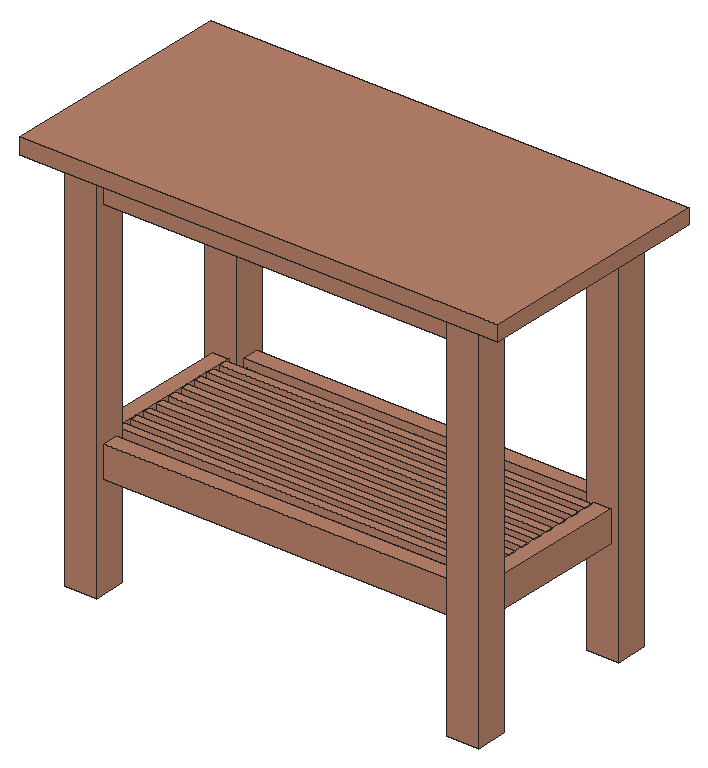
Revit family
Reference planes
  plane 1 "Center (Front/Back)": y = 0
  plane 2: z = 0
  plane 3 "Center (Left/Right)": x = 0
  plane 4 "Topo da Mesa": z = 1000
  plane 5 "Fundo do Tampo": z = 960
  plane 6 "Travamento": z = 340
  plane 7: y = -220
  plane 8: y = -220
  plane 9: y = 220
  plane 10: x = -480
  plane 11: y = 0
  plane 12: x = -480
  plane 13: x = 480
  plane 14 "Estrado": z = 320
  plane 15 "Frente do Estrado": x = 460.08
  plane 16: y = 0
  plane 17: z = 340
  plane 18: z = 320
  plane 19 "Lado do Estrado": y = -200.417
  plane 20 "Frente do Apoio do Estrado e Apoio Maior do Tampo": x = 440
  plane 21 "Lateral do Apoio Menor do Tampo": y = -180
Forms (mm)
  Extrusion 1, solid, material "Madeira"
    sketch origin (0, 0, 1000) x (-1, 0, 0) y (0, -1, 0)
      loop
        line (600, 300) -> (-600, 300) -> (-600, -300) -> (600, -300) -> (600, 300)
    from 0 to -40
  Extrusion 2, solid, material "Madeira"
    sketch origin (-1.408, -32.617, 0) x (1, 0, 0) y (0, 1, 0)
      loop
        line (-518.592, -227.383) -> (-438.592, -227.383) -> (-438.592, -147.383) -> (-518.592, -147.383) -> (-518.592, -227.383)
    from 0 to 960
  Extrusion 3, solid, material "Madeira", not visible
    sketch origin (-1.408, -22.617, 0) x (1, 0, 0) y (0, 1, 0)
      loop
        line (-518.592, -227.383) -> (-438.592, -227.383) -> (-438.592, -147.383) -> (-518.592, -147.383) -> (-518.592, -227.383)
    from 0 to 960
  Extrusion 4, solid, material "Madeira"
    sketch origin (-1.408, -32.617, 0) x (1, 0, 0) y (0, 1, 0)
      loop
        line (-518.592, 292.617) -> (-518.592, 212.617) -> (-438.592, 212.617) -> (-438.592, 292.617) -> (-518.592, 292.617)
    from 0 to 960
  Extrusion 5, solid, material "Madeira"
    sketch origin (1.408, 32.617, 0) x (-1, 0, 0) y (0, -1, 0)
      loop
        line (-518.592, 292.617) -> (-518.592, 212.617) -> (-438.592, 212.617) -> (-438.592, 292.617) -> (-518.592, 292.617)
    from 0 to 960
  Extrusion 6, solid, material "Madeira"
    sketch origin (1.408, 32.617, 0) x (-1, 0, 0) y (0, -1, 0)
      loop
        line (-518.592, -227.383) -> (-438.592, -227.383) -> (-438.592, -147.383) -> (-518.592, -147.383) -> (-518.592, -227.383)
    from 0 to 960
  Extrusion 7, solid, material "Madeira"
    sketch origin (0, 0, 340) x (-1, 0, 0) y (0, -1, 0)
      loop
        line (440, 239.583) -> (-440, 239.583) -> (-440, 200.417) -> (440, 200.417) -> (440, 239.583)
    from 0 to -80
  Extrusion 8, solid, material "Madeira", not visible
    sketch origin (0, 0, 340) x (-1, 0, 0) y (0, -1, 0)
      loop
        line (440, 239.583) -> (-440, 239.583) -> (-440, 200.417) -> (440, 200.417) -> (440, 239.583)
    from 0 to -80
  Extrusion 9, solid, material "Madeira"
    sketch origin (0, 0, 340) x (-1, 0, 0) y (0, -1, 0)
      loop
        line (440, -239.583) -> (440, -200.417) -> (-440, -200.417) -> (-440, -239.583) -> (440, -239.583)
    from 0 to -80
  Extrusion 10, solid, material "Madeira"
    sketch origin (0, 0, 340) x (-1, 0, 0) y (0, -1, 0)
      loop
        line (499.92, 180) -> (460.08, 180) -> (460.08, -180) -> (499.92, -180) -> (499.92, 180)
    from 0 to -80
  Extrusion 11, solid, material "Madeira", not visible
    sketch origin (0, 0, 340) x (-1, 0, 0) y (0, -1, 0)
      loop
        line (499.92, 180) -> (460.08, 180) -> (460.08, -180) -> (499.92, -180) -> (499.92, 180)
    from 0 to -80
  Extrusion 12, solid, material "Madeira"
    sketch origin (0, 0, 340) x (1, 0, 0) y (0, 1, 0)
      loop
        line (499.92, -180) -> (499.92, 180) -> (460.08, 180) -> (460.08, -180) -> (499.92, -180)
    from 0 to -80
  Extrusion 13, solid, material "Madeira"
    sketch origin (460.08, 0, 0) x (0, -1, 0) y (0, 0, 1)
      loop
        line (-10, 340) -> (-10, 320) -> (10, 320) -> (10, 340) -> (-10, 340)
    from 0 to 920.161
  Extrusion 14, solid, material "Madeira", not visible
    sketch origin (460.08, 0, 0) x (0, -1, 0) y (0, 0, 1)
      loop
        line (-10, 340) -> (-10, 320) -> (10, 320) -> (10, 340) -> (-10, 340)
    from 0 to 920.161
  Extrusion 15, solid, material "Madeira"
    sketch origin (460.08, -40, 0) x (0, -1, 0) y (0, 0, 1)
      loop
        line (-10, 340) -> (-10, 320) -> (10, 320) -> (10, 340) -> (-10, 340)
    from 0 to 920.161
  Extrusion 16, solid, material "Madeira"
    sketch origin (460.08, -80, 0) x (0, -1, 0) y (0, 0, 1)
      loop
        line (-10, 340) -> (-10, 320) -> (10, 320) -> (10, 340) -> (-10, 340)
    from 0 to 920.161
  Extrusion 17, solid, material "Madeira"
    sketch origin (460.08, -120, 0) x (0, -1, 0) y (0, 0, 1)
      loop
        line (-10, 340) -> (-10, 320) -> (10, 320) -> (10, 340) -> (-10, 340)
    from 0 to 920.161
  Extrusion 18, solid, material "Madeira"
    sketch origin (460.08, -160, 0) x (0, -1, 0) y (0, 0, 1)
      loop
        line (-10, 340) -> (-10, 320) -> (10, 320) -> (10, 340) -> (-10, 340)
    from 0 to 920.161
  Extrusion 19, solid, material "Madeira"
    sketch origin (460.08, 40, 0) x (0, -1, 0) y (0, 0, 1)
      loop
        line (-10, 340) -> (-10, 320) -> (10, 320) -> (10, 340) -> (-10, 340)
    from 0 to 920.161
  Extrusion 20, solid, material "Madeira"
    sketch origin (460.08, 80, 0) x (0, -1, 0) y (0, 0, 1)
      loop
        line (-10, 340) -> (-10, 320) -> (10, 320) -> (10, 340) -> (-10, 340)
    from 0 to 920.161
  Extrusion 21, solid, material "Madeira"
    sketch origin (460.08, 120, 0) x (0, -1, 0) y (0, 0, 1)
      loop
        line (-10, 340) -> (-10, 320) -> (10, 320) -> (10, 340) -> (-10, 340)
    from 0 to 920.161
  Extrusion 22, solid, material "Madeira"
    sketch origin (460.08, 160, 0) x (0, -1, 0) y (0, 0, 1)
      loop
        line (-10, 340) -> (-10, 320) -> (10, 320) -> (10, 340) -> (-10, 340)
    from 0 to 920.161
  Extrusion 23, solid, material "Madeira"
    sketch origin (-3.222, -200.417, 0) x (-1, 0, 0) y (0, 0, 1)
      loop
        line (426.778, 320) -> (406.778, 320) -> (406.778, 280) -> (426.778, 280) -> (426.778, 320)
    from 0 to 400.834
  Extrusion 24, solid, material "Madeira"
    sketch origin (3.222, -200.417, 0) x (1, 0, 0) y (0, 0, -1)
      loop
        line (426.778, -320) -> (426.778, -280) -> (406.778, -280) -> (406.778, -320) -> (426.778, -320)
    from 0 to 400.834
  Extrusion 25, solid, material "Madeira"
    sketch origin (416.778, -200.417, 0) x (-1, 0, 0) y (0, 0, 1)
      loop
        line (426.778, 320) -> (406.778, 320) -> (406.778, 280) -> (426.778, 280) -> (426.778, 320)
    from 0 to 400.834
  Extrusion 26, solid, material "Madeira"
    sketch origin (440, 0, 0) x (0, -1, 0) y (0, 0, 1)
      loop
        line (-200.417, 260) -> (-180, 260) -> (-180, 280) -> (-200.417, 280) -> (-200.417, 260)
    from 0 to 880
  Extrusion 27, solid, material "Madeira"
    sketch origin (440, 0, 0) x (0, 1, 0) y (0, 0, -1)
      loop
        line (-200.417, -260) -> (-200.417, -280) -> (-180, -280) -> (-180, -260) -> (-200.417, -260)
    from 0 to 880
  Extrusion 28, solid, material "Madeira"
    sketch origin (440, 0, 0) x (0, -1, 0) y (0, 0, 1)
      loop
        line (-240, 960) -> (-240, 880) -> (-200, 880) -> (-200, 960) -> (-240, 960)
    from 0 to 880
  Extrusion 29, solid, material "Madeira"
    sketch origin (440, 0, 0) x (0, 1, 0) y (0, 0, -1)
      loop
        line (-240, -960) -> (-200, -960) -> (-200, -880) -> (-240, -880) -> (-240, -960)
    from 0 to 880
  Extrusion 30, solid, material "Madeira"
    sketch origin (0, -180, 0) x (-1, 0, 0) y (0, 0, 1)
      loop
        line (500, 960) -> (460, 960) -> (460, 880) -> (500, 880) -> (500, 960)
    from 0 to 360
  Extrusion 31, solid, material "Madeira"
    sketch origin (0, -180, 0) x (1, 0, 0) y (0, 0, -1)
      loop
        line (500, -960) -> (500, -880) -> (460, -880) -> (460, -960) -> (500, -960)
    from 0 to 360
Dimensions and locks
  equal spacing: Extrusion 1 sketch curve, plane 1 "Center (Front/Back)", Extrusion 1 sketch curve
  equal spacing: Extrusion 1 sketch curve, plane 3 "Center (Left/Right)", Extrusion 1 sketch curve
  plane 1 "Center (Front/Back)" to Extrusion 1 sketch curve = 300 mm
  plane 3 "Center (Left/Right)" to Extrusion 1 sketch curve = 600 mm
  Extrusion 1 to Extrusion 2 = 80 mm
  locked: Extrusion 2 sketch curve to Extrusion 2 sketch curve at 80  (x2)
  plane 1 "Center (Front/Back)" to Extrusion 2 = 180 mm
  Extrusion 1 to Extrusion 2 = 40 mm
  locked: Extrusion 3 sketch curve to Extrusion 3 sketch curve at 80  (x2)
  locked: Extrusion 4 sketch curve to Extrusion 4 sketch curve at 80  (x2)
  locked: Extrusion 5 sketch curve to Extrusion 5 sketch curve at 80  (x2)
  locked: Extrusion 6 sketch curve to Extrusion 6 sketch curve at 80  (x2)
  equal spacing: Extrusion 4, plane 1 "Center (Front/Back)", Extrusion 2
  equal spacing: Extrusion 7 sketch curve, plane 7, Extrusion 7 sketch curve
  Extrusion 7 sketch curve to plane 7 = 19.583 mm
  equal spacing: Extrusion 8 sketch curve, plane 8, Extrusion 8 sketch curve
  Extrusion 8 sketch curve to plane 8 = 19.583 mm
  equal spacing: Extrusion 9 sketch curve, plane 9, Extrusion 9 sketch curve
  plane 9 to Extrusion 9 sketch curve = 19.583 mm
  equal spacing: Extrusion 10 sketch curve, plane 10, Extrusion 10 sketch curve
  plane 10 to Extrusion 10 sketch curve = 19.92 mm
  equal spacing: Extrusion 11 sketch curve, plane 12, Extrusion 11 sketch curve
  plane 12 to Extrusion 11 sketch curve = 19.92 mm
  equal spacing: Extrusion 12 sketch curve, plane 13, Extrusion 12 sketch curve
  plane 13 to Extrusion 12 sketch curve = 19.92 mm
  Extrusion 4 to Extrusion 2 = 360 mm
  Extrusion 23 to Extrusion 2 = 10 mm
  plane 3 "Center (Left/Right)" to Extrusion 25 = 10 mm
  locked: Extrusion 28 sketch curve to Extrusion 28 sketch curve at 40
  Extrusion 4 to Extrusion 28 sketch curve = 20 mm
  locked: Extrusion 29 sketch curve to Extrusion 29 sketch curve at 40
  equal spacing: Extrusion 2, Extrusion 30 sketch curve, Extrusion 30 sketch curve, Extrusion 2
  Extrusion 31 sketch curve to Extrusion 31 sketch curve = 40 mm
  aligned and locked: Extrusion 6 to Extrusion 4
  aligned and locked: Extrusion 2 to Extrusion 5
  aligned and locked: Extrusion 5 to Extrusion 6
  aligned and locked: Extrusion 4 to Extrusion 2
  aligned and locked: plane 15 "Frente do Estrado" to Extrusion 12
  aligned and locked: Extrusion 13 to Extrusion 10
  aligned and locked: Extrusion 23 sketch curve to plane 14 "Estrado"
  aligned and locked: Extrusion 23 to Extrusion 9
  aligned and locked: Extrusion 26 to Extrusion 4
Automatic sketch dimensions
  Extrusion 7 sketch curve to Extrusion 7 sketch curve = 880 mm
  Extrusion 8 sketch curve to Extrusion 8 sketch curve = 880 mm
  Extrusion 9 sketch curve to Extrusion 9 sketch curve = 880 mm
  Extrusion 10 sketch curve to Extrusion 10 sketch curve = 360 mm
  Extrusion 11 sketch curve to Extrusion 11 sketch curve = 360 mm
  Extrusion 12 sketch curve to Extrusion 12 sketch curve = 360 mm
  Extrusion 13 sketch curve to Extrusion 13 sketch curve = 20 mm  (x2)
  Extrusion 14 sketch curve to Extrusion 14 sketch curve = 20 mm  (x2)
  Extrusion 15 sketch curve to Extrusion 15 sketch curve = 20 mm  (x2)
  Extrusion 16 sketch curve to Extrusion 16 sketch curve = 20 mm  (x2)
  Extrusion 17 sketch curve to Extrusion 17 sketch curve = 20 mm  (x2)
  Extrusion 18 sketch curve to Extrusion 18 sketch curve = 20 mm  (x2)
  Extrusion 19 sketch curve to Extrusion 19 sketch curve = 20 mm  (x2)
  Extrusion 20 sketch curve to Extrusion 20 sketch curve = 20 mm  (x2)
  Extrusion 21 sketch curve to Extrusion 21 sketch curve = 20 mm  (x2)
  Extrusion 22 sketch curve to Extrusion 22 sketch curve = 20 mm  (x2)
  Extrusion 23 sketch curve to plane 3 "Center (Left/Right)" = 410 mm
  Extrusion 23 sketch curve to Extrusion 23 sketch curve = 20 mm
  Extrusion 23 sketch curve to plane 14 "Estrado" = 40 mm
  Extrusion 24 sketch curve to plane 14 "Estrado" = 0 mm
  Extrusion 24 sketch curve to plane 20 "Frente do Apoio do Estrado e Apoio Maior do Tampo" = 30 mm
  Extrusion 24 sketch curve to plane 20 "Frente do Apoio do Estrado e Apoio Maior do Tampo" = 10 mm
  plane 14 "Estrado" to Extrusion 24 sketch curve = 40 mm
  Extrusion 25 sketch curve to plane 14 "Estrado" = 0 mm
  plane 3 "Center (Left/Right)" to Extrusion 25 sketch curve = 10 mm
  Extrusion 25 sketch curve to plane 3 "Center (Left/Right)" = 10 mm
  Extrusion 25 sketch curve to plane 14 "Estrado" = 40 mm
  Extrusion 26 sketch curve to plane 14 "Estrado" = 40 mm
  Extrusion 26 sketch curve to plane 1 "Center (Front/Back)" = 200.417 mm
  Extrusion 26 sketch curve to Extrusion 26 sketch curve = 20.417 mm
  Extrusion 26 sketch curve to Extrusion 26 sketch curve = 20 mm
  Extrusion 27 sketch curve to plane 19 "Lado do Estrado" = 0 mm
  Extrusion 27 sketch curve to plane 21 "Lateral do Apoio Menor do Tampo" = 0 mm
  plane 14 "Estrado" to Extrusion 27 sketch curve = 60 mm
  Extrusion 27 sketch curve to Extrusion 27 sketch curve = 20 mm
  Extrusion 28 sketch curve to plane 5 "Fundo do Tampo" = 0 mm
  Extrusion 28 sketch curve to plane 5 "Fundo do Tampo" = 80 mm
  Extrusion 29 sketch curve to plane 5 "Fundo do Tampo" = 0 mm
  plane 19 "Lado do Estrado" to Extrusion 29 sketch curve = 39.583 mm
  plane 5 "Fundo do Tampo" to Extrusion 29 sketch curve = 80 mm
  Extrusion 30 sketch curve to plane 5 "Fundo do Tampo" = 0 mm
  Extrusion 30 sketch curve to plane 3 "Center (Left/Right)" = 460 mm
  Extrusion 30 sketch curve to Extrusion 30 sketch curve = 40 mm
  Extrusion 30 sketch curve to plane 5 "Fundo do Tampo" = 80 mm
  Extrusion 31 sketch curve to plane 5 "Fundo do Tampo" = 0 mm
  Extrusion 31 sketch curve to plane 15 "Frente do Estrado" = 0.08 mm
  plane 15 "Frente do Estrado" to Extrusion 31 sketch curve = 39.92 mm
  plane 5 "Fundo do Tampo" to Extrusion 31 sketch curve = 80 mm
